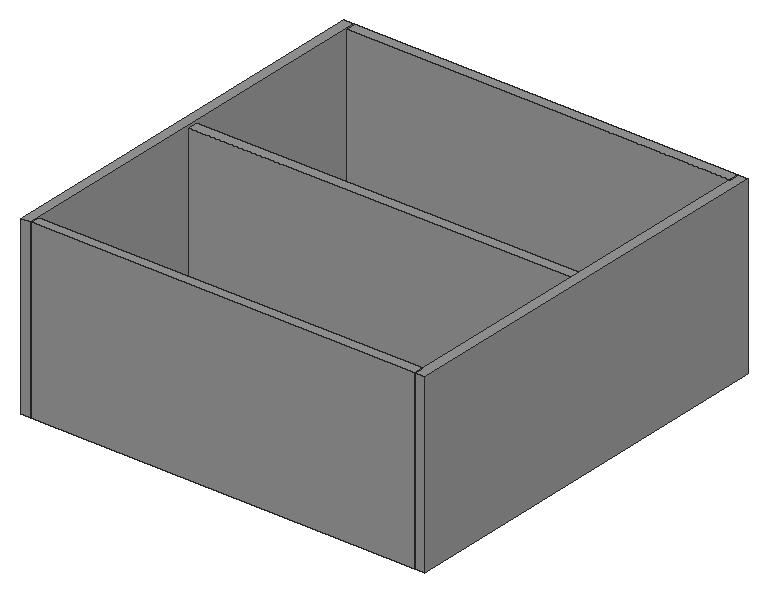
Revit family "TMI - W1050 - Wall_Open1", category Casework, host Face, Revit 2016
Family settings
  Host = Face
  OmniClass Number = 23.40.35.14.11
  OmniClass Title = Modular Casework
  Cut with Voids When Loaded = No
  Shared = No
  Room Calculation Point = No
Parameters (values of type "30" x 30" x 13"")
  Width = 30"
  Verticle Partition [instance] = Width > 39"  # no
  Vertical [instance] = no
  URL = "www.tmisystems.com"
  Two Shelves [instance] = Shelf Quantity = 2  # no
  Three Shelves [instance] = Shelf Quantity = 3  # no
  Shelf Thickness = 3/4"
  Shelf Quantity [instance] = 1
  One Vertical [instance] = Vertical  # no
  One Shelf [instance] = Shelf Quantity = 1  # yes
  Model = "W1050"
  Manufacturer = "TMI Systems Corporation"
  Interior Finish = none
  Height = 30"
  Filler Width (Right) [instance] = 3"
  Filler Width (Left) [instance] = 3"
  Filler Right [instance] = no
  Filler Left [instance] = no
  TFM Thickness = 1/32"
  Description = "Wall, Open, Adj. Shelf"
  Depth = 13"
  Default Elevation = 84"
  Casework Thickness = 3/4"
  Casework Back Thickness = 1/4"
  Cabinet Finish = Plastic Laminate
Types (9): name | Width
  24" x 30" x 13" | 24"
  27" x 30" x 13" | 27"
  30" x 30" x 13" | 30"
  33" x 30" x 13" | 33"
  36" x 30" x 13" | 36"
  21" x 30" x 13" | 21"
  18" x 30" x 13" | 18"
  15" x 30" x 13" | 15"
  12" x 30" x 13" | 12"
Reference planes (in)
  plane 1 "Center (Front/Back)": y = 0
  plane 2: z = 0
  plane 3 "Center (Left/Right)": x = 0
  plane 4: x = -15
  plane 5: x = 15
  plane 6: y = -25.25
  plane 7: y = -4.75
  plane 8: x = -18
  plane 9: x = 18
  plane 10: z = 0.75
  plane 11: z = 1
  plane 12: y = -30
  plane 13: x = -14.25
  plane 14: y = -29.25
  plane 15: x = 14.25
  plane 16: y = -0.75
  plane 17: y = -7.3125
  plane 18: y = -8.0625
  plane 19: y = -14.625
  plane 20: y = -15.375
  plane 21: y = -19.5
  plane 22: y = -20.25
  plane 23: y = -21.9375
  plane 24: y = -22.6875
  plane 25: y = -9.75
  plane 26: y = -10.5
  plane 27: x = -0.375
  plane 28: x = 0.375
  plane 29: z = 12.875
  plane 30: z = 13
  plane 31: z = 12.25
  plane 32: y = -0.375
  plane 33: y = -29.625
Forms (in)
  Extrusion 1, solid, material "Plastic Laminate" <- "Cabinet Finish"
    sketch origin (0, -30, 0) x (1, 0, 0) y (0, 1, 0)
      loop
        line (-15, 30) -> (-15, 0) -> (-14.25, 0) -> (-14.25, 30) -> (-15, 30)
      loop
        line (14.25, 30) -> (14.25, 0) -> (15, 0) -> (15, 30) -> (14.25, 30)
    from 0 to 13
  Extrusion 2, solid, material "Plastic Laminate" <- "Cabinet Finish"
    sketch origin (0, -30, 0) x (1, 0, 0) y (0, 1, 0)
      loop
        line (-14.25, 29.25) -> (14.25, 29.25) -> (14.25, 30) -> (-14.25, 30) -> (-14.25, 29.25)
      loop
        line (-14.25, 0.75) -> (-14.25, 0) -> (14.25, 0) -> (14.25, 0.75) -> (-14.25, 0.75)
    from 0 to 13
  Extrusion 3, solid, material "Wood"
    sketch origin (0, -30, 0) x (1, 0, 0) y (0, 1, 0)
      loop
        line (-14.28125, 29.25) -> (-14.28125, 25.25) -> (14.28125, 25.25) -> (14.28125, 29.25) -> (-14.28125, 29.25)
      loop
        line (-14.28125, 4.75) -> (-14.28125, 0.75) -> (14.28125, 0.75) -> (14.28125, 4.75) -> (-14.28125, 4.75)
    from 0 to 0.75
  Extrusion 4, solid, material "Plastic Laminate" <- "Cabinet Finish"
    sketch origin (0, 0, 0) x (1, 0, 0) y (0, 0, 1)
      loop
        line (-14.28125, 1) -> (-14.28125, 0.75) -> (14.28125, 0.75) -> (14.28125, 1) -> (-14.28125, 1)
    from 0.375 to 29.625
  Extrusion 5, solid, material "Plastic Laminate" <- "Cabinet Finish", visible <- "Filler Left"
    sketch origin (0, -30, 0) x (1, 0, 0) y (0, 1, 0)
      loop
        line (-18, 30) -> (-18, 0) -> (-15, 0) -> (-15, 30) -> (-18, 30)
    from 12.25 to 13
  Extrusion 6, solid, material "Plastic Laminate" <- "Cabinet Finish", visible <- "Filler Right"
    sketch origin (0, -30, 0) x (1, 0, 0) y (0, 1, 0)
      loop
        line (18, 30) -> (15, 30) -> (15, 0) -> (18, 0) -> (18, 30)
    from 12.25 to 13
  Extrusion 7, solid, material "Plastic Laminate" <- "Cabinet Finish", visible <- "Three Shelves"
    sketch origin (0, 0, 0) x (1, 0, 0) y (0, 1, 0)
      loop
        line (-14.25, -7.3125) -> (-14.25, -8.0625) -> (14.25, -8.0625) -> (14.25, -7.3125) -> (-14.25, -7.3125)
    from 1 to 12.875
  Extrusion 8, solid, material "Plastic Laminate" <- "Cabinet Finish", visible <- "Two Shelves"
    sketch origin (0, 0, 0) x (1, 0, 0) y (0, 1, 0)
      loop
        line (-14.25, -9.75) -> (-14.25, -10.5) -> (14.25, -10.5) -> (14.25, -9.75) -> (-14.25, -9.75)
    from 1 to 12.875
  Extrusion 9, solid, material "Plastic Laminate" <- "Cabinet Finish", visible <- "Three Shelves"
    sketch origin (0, 0, 0) x (1, 0, 0) y (0, 1, 0)
      loop
        line (-14.25, -14.625) -> (-14.25, -15.375) -> (14.25, -15.375) -> (14.25, -14.625) -> (-14.25, -14.625)
    from 1 to 12.875
  Extrusion 10, solid, material "Plastic Laminate" <- "Cabinet Finish", visible <- "Two Shelves"
    sketch origin (0, 0, 0) x (1, 0, 0) y (0, 1, 0)
      loop
        line (-14.25, -19.5) -> (-14.25, -20.25) -> (14.25, -20.25) -> (14.25, -19.5) -> (-14.25, -19.5)
    from 1 to 12.875
  Extrusion 11, solid, material "Plastic Laminate" <- "Cabinet Finish", visible <- "Three Shelves"
    sketch origin (0, 0, 0) x (1, 0, 0) y (0, 1, 0)
      loop
        line (-14.25, -21.9375) -> (-14.25, -22.6875) -> (14.25, -22.6875) -> (14.25, -21.9375) -> (-14.25, -21.9375)
    from 1 to 12.875
  Extrusion 12, solid, material "Plastic Laminate" <- "Cabinet Finish", visible <- "One Shelf"
    sketch origin (0, 0, 0) x (1, 0, 0) y (0, 1, 0)
      loop
        line (-14.25, -14.625) -> (-14.25, -15.375) -> (14.25, -15.375) -> (14.25, -14.625) -> (-14.25, -14.625)
    from 1 to 12.875
  Extrusion 13, solid, material "Plastic Laminate" <- "Cabinet Finish", visible <- "One Vertical"
    sketch origin (0, 0, 0) x (1, 0, 0) y (0, 1, 0)
      loop
        line (-0.375, -0.75) -> (-0.375, -29.25) -> (0.375, -29.25) -> (0.375, -0.75) -> (-0.375, -0.75)
    from 1 to 13
Lines and regions (in)
  Masking region 1
    outline origin (0, 0, 0) x (1, 0, 0) y (0, 0, 1)
      loop
        line (-15, 13) -> (-15, 0) -> (15, 0) -> (15, 13) -> (-15, 13)
  Masking region 2, visible <- "Filler Left"
    outline origin (0, 0, 0) x (1, 0, 0) y (0, 0, 1)
      loop
        line (-18, 13) -> (-18, 12.25) -> (-15, 12.25) -> (-15, 13) -> (-18, 13)
  Masking region 3, visible <- "Filler Right"
    outline origin (0, 0, 0) x (1, 0, 0) y (0, 0, 1)
      loop
        line (15, 13) -> (15, 12.25) -> (18, 12.25) -> (18, 13) -> (15, 13)
  symbolic lines
    curve 1: line (15, 0, 0) -> (15, -30, 0)
  symbolic lines, style "CaseworkHiddenLines", visible <- "Three Shelves"
    curve 2: line (0, -7.3125, 12.875) -> (0, -7.3125, 1)
    curve 3: line (0, -8.0625, 1) -> (0, -8.0625, 12.875)
    curve 4: line (0, -8.0625, 12.875) -> (0, -7.3125, 12.875)
    curve 14: line (0, -21.9375, 12.875) -> (0, -21.9375, 1)
    curve 15: line (0, -22.6875, 1) -> (0, -22.6875, 12.875)
    curve 16: line (0, -22.6875, 12.875) -> (0, -21.9375, 12.875)
    curve 17: line (0, -14.625, 12.875) -> (0, -14.625, 1)
    curve 18: line (0, -15.375, 1) -> (0, -15.375, 12.875)
    curve 19: line (0, -15.375, 12.875) -> (0, -14.625, 12.875)
  symbolic lines, style "CaseworkHiddenLines", visible <- "Two Shelves"
    curve 5: line (0, -9.75, 12.875) -> (0, -9.75, 1)
    curve 6: line (0, -10.5, 1) -> (0, -10.5, 12.875)
    curve 7: line (0, -10.5, 12.875) -> (0, -9.75, 12.875)
    curve 11: line (0, -19.5, 12.875) -> (0, -19.5, 1)
    curve 12: line (0, -20.25, 1) -> (0, -20.25, 12.875)
    curve 13: line (0, -20.25, 12.875) -> (0, -19.5, 12.875)
  symbolic lines, style "CaseworkHiddenLines", visible <- "One Shelf"
    curve 8: line (0, -14.625, 12.875) -> (0, -14.625, 1)
    curve 9: line (0, -15.375, 1) -> (0, -15.375, 12.875)
    curve 10: line (0, -15.375, 12.875) -> (0, -14.625, 12.875)
Dimensions and locks (in)
  "Casework Thickness": plane 4 to plane 13
  "Casework Thickness": plane 15 to plane 5
  "Filler Width (Left)": plane 8 to plane 4
  "Filler Width (Right)": plane 5 to plane 9
  "Height": plane 1 "Center (Front/Back)" to plane 12
  "Width": plane 4 to plane 5
  equal spacing: plane 4, plane 3 "Center (Left/Right)", plane 5
  "Casework Thickness": plane 10 to plane 2
  "Casework Back Thickness": plane 11 to plane 10
  "Shelf Thickness": plane 17 to plane 18
  "Shelf Thickness": plane 19 to plane 20
  "Shelf Thickness": plane 21 to plane 22
  "Shelf Thickness": plane 23 to plane 24
  "Shelf Thickness": plane 25 to plane 26
  "Casework Thickness": plane 14 to plane 12
  "Casework Thickness": plane 16 to plane 1 "Center (Front/Back)"
  equal spacing: plane 14, plane 23, plane 19, plane 17, plane 1 "Center (Front/Back)"
  equal spacing: plane 14, plane 21, plane 25, plane 1 "Center (Front/Back)"
  "Casework Thickness": plane 27 to plane 28
  equal spacing: plane 27, plane 3 "Center (Left/Right)", plane 28
  "Depth": plane 30 to plane 2
  plane 13 to plane 15 = 28 1/2"
  locked: plane 6 to plane 14 at 4
  locked: plane 7 to plane 16 at 4
  locked: plane 30 to plane 29 at 0.125
  locked: plane 30 to plane 31 at 0.75
  locked: plane 32 to plane 16 at 0.375
  locked: plane 14 to plane 33 at 0.375
  aligned and locked: plane 2 to host face
  aligned and locked: level to host face
  aligned and locked: plane 4 to Extrusion 1 sketch curve
  aligned and locked: Extrusion 1 sketch curve to plane 5
  aligned and locked: Extrusion 1 to plane 2
  aligned and locked: Extrusion 2 to plane 2
  aligned and locked: Extrusion 3 to plane 2
  aligned and locked: Extrusion 3 to plane 10
  aligned and locked: Extrusion 4 sketch curve to plane 11
  aligned and locked: Extrusion 4 sketch curve to plane 10
  aligned and locked: plane 8 to Extrusion 5 sketch curve
  aligned and locked: Extrusion 5 sketch curve to plane 4
  aligned and locked: plane 9 to Extrusion 6 sketch curve
  aligned and locked: Extrusion 6 sketch curve to plane 5
  aligned and locked: curve 1 to plane 5
  aligned and locked: Extrusion 2 to plane 1 "Center (Front/Back)"  (x4)
  aligned and locked: Extrusion 3 to plane 7
  aligned and locked: Extrusion 7 sketch curve to plane 17
  aligned and locked: plane 13 to Extrusion 7 sketch curve
  aligned and locked: plane 18 to Extrusion 7 sketch curve
  aligned and locked: plane 15 to Extrusion 7 sketch curve
  aligned and locked: Extrusion 8 sketch curve to plane 25
  aligned and locked: plane 13 to Extrusion 8 sketch curve
  aligned and locked: plane 26 to Extrusion 8 sketch curve
  aligned and locked: plane 15 to Extrusion 8 sketch curve
  aligned and locked: Extrusion 9 sketch curve to plane 19
  aligned and locked: plane 13 to Extrusion 9 sketch curve
  aligned and locked: plane 20 to Extrusion 9 sketch curve
  aligned and locked: plane 15 to Extrusion 9 sketch curve
  aligned and locked: Extrusion 10 sketch curve to plane 21
  aligned and locked: plane 13 to Extrusion 10 sketch curve
  aligned and locked: plane 22 to Extrusion 10 sketch curve
  aligned and locked: plane 15 to Extrusion 10 sketch curve
  aligned and locked: Extrusion 11 sketch curve to plane 23
  aligned and locked: plane 13 to Extrusion 11 sketch curve
  aligned and locked: plane 24 to Extrusion 11 sketch curve
  aligned and locked: plane 15 to Extrusion 11 sketch curve
  aligned and locked: Extrusion 11 to plane 11
  aligned and locked: Extrusion 10 to plane 11
  aligned and locked: Extrusion 9 to plane 11
  aligned and locked: Extrusion 8 to plane 11
  aligned and locked: Extrusion 7 to plane 11
  aligned and locked: plane 4 to Extrusion 5  (x3)
  aligned and locked: Extrusion 1 to plane 1 "Center (Front/Back)"  (x4)
  aligned and locked: Extrusion 6 to plane 5  (x2)
  aligned and locked: Extrusion 1 to plane 4
  aligned and locked: Extrusion 2 to plane 12  (x2)
  aligned and locked: plane 5 to Extrusion 1
  aligned and locked: Extrusion 1 to plane 12  (x2)
  aligned and locked: plane 20 to Extrusion 12 sketch curve
  aligned and locked: Extrusion 12 sketch curve to plane 19
  aligned and locked: plane 15 to Extrusion 12 sketch curve
  aligned and locked: plane 13 to Extrusion 12 sketch curve
  aligned and locked: Extrusion 12 to plane 11
  aligned and locked: plane 2 to Masking region 1 sketch curve
  aligned and locked: Masking region 1 sketch curve to plane 5
  aligned and locked: plane 4 to Masking region 1 sketch curve
  aligned and locked: plane 16 to Extrusion 2
  aligned and locked: plane 13 to Extrusion 1
  aligned and locked: Extrusion 2 to plane 13  (x2)
  aligned and locked: plane 14 to Extrusion 2
  aligned and locked: plane 15 to Extrusion 1
  aligned and locked: Extrusion 2 to plane 15  (x2)
  aligned and locked: plane 27 to Extrusion 13 sketch curve
  aligned and locked: plane 28 to Extrusion 13 sketch curve
  aligned and locked: plane 14 to Extrusion 13 sketch curve
  aligned and locked: plane 16 to Extrusion 13 sketch curve
  aligned and locked: Extrusion 13 to plane 11
  aligned and locked: plane 8 to Masking region 2 sketch curve
  aligned and locked: Masking region 2 sketch curve to plane 4
  aligned and locked: plane 5 to Masking region 3 sketch curve
  aligned and locked: Masking region 3 sketch curve to plane 9
  aligned and locked: plane 30 to Masking region 1
  aligned and locked: plane 30 to Extrusion 5
  aligned and locked: plane 30 to Extrusion 1
  aligned and locked: plane 30 to Extrusion 6
  aligned and locked: plane 30 to Extrusion 13
  aligned and locked: plane 30 to Extrusion 2
  aligned and locked: plane 29 to Extrusion 11
  aligned and locked: plane 29 to Extrusion 12
  aligned and locked: plane 29 to Extrusion 8
  aligned and locked: plane 29 to Extrusion 7
  aligned and locked: plane 29 to Extrusion 10
  aligned and locked: plane 29 to Extrusion 9
  aligned and locked: curve 18 to plane 20
  aligned and locked: plane 19 to curve 17
  aligned and locked: plane 29 to curve 19
  aligned and locked: Extrusion 8 to plane 26
  aligned and locked: plane 25 to Extrusion 8
  aligned and locked: plane 29 to curve 7
  aligned and locked: plane 29 to curve 4
  aligned and locked: Extrusion 7 to plane 18
  aligned and locked: plane 17 to Extrusion 7
  aligned and locked: Extrusion 11 to plane 24
  aligned and locked: plane 29 to curve 16
  aligned and locked: plane 23 to Extrusion 11
  aligned and locked: plane 29 to curve 13
  aligned and locked: Extrusion 10 to plane 22
  aligned and locked: plane 21 to Extrusion 10
  aligned and locked: Extrusion 6 to plane 31
  aligned and locked: Extrusion 5 to plane 31
  aligned and locked: Extrusion 3 to plane 16
  aligned and locked: Extrusion 3 to plane 14
  aligned and locked: Extrusion 4 to plane 32
  aligned and locked: plane 33 to Extrusion 4
  aligned and locked: Masking region 2 to plane 31
  aligned and locked: Masking region 3 to plane 31
Automatic sketch dimensions
  host sketch curve to host sketch curve = 96"
  host sketch curve to host sketch curve = 95"
  curve 1 to plane 12 = 0"
  plane 1 "Center (Front/Back)" to curve 1 = 0"
  curve 15 to plane 24 = 0"
  curve 14 to plane 11 = 0"
  curve 14 to plane 23 = 0"
  curve 12 to plane 22 = 0"
  curve 11 to plane 11 = 0"
  curve 11 to plane 21 = 0"
  curve 17 to plane 11 = 0"
  curve 7 to plane 26 = 0"
  curve 7 to plane 25 = 0"
  curve 4 to plane 18 = 0"
  curve 4 to plane 17 = 0"
  curve 18 to plane 11 = 0"
  curve 2 to plane 11 = 0"
  curve 3 to plane 11 = 0"
  curve 15 to plane 11 = 0"
  curve 12 to plane 11 = 0"
  curve 5 to plane 11 = 0"
  curve 6 to plane 11 = 0"
  curve 9 to plane 11 = 0"
  curve 8 to plane 11 = 0"
  Extrusion 1 sketch curve to plane 12 = 0"  (x2)
  Extrusion 1 sketch curve to plane 13 = 0"
  plane 1 "Center (Front/Back)" to Extrusion 1 sketch curve = 0"  (x2)
  Extrusion 1 sketch curve to plane 15 = 0"
  Extrusion 2 sketch curve to plane 13 = 0"  (x2)
  Extrusion 2 sketch curve to plane 12 = 0"
  Extrusion 2 sketch curve to plane 14 = 0"
  Extrusion 2 sketch curve to plane 15 = 0"  (x2)
  plane 16 to Extrusion 2 sketch curve = 0"
  plane 1 "Center (Front/Back)" to Extrusion 2 sketch curve = 0"
  Extrusion 3 sketch curve to plane 7 = 0"
  Extrusion 3 sketch curve to plane 6 = 0"
  Extrusion 3 sketch curve to plane 13 = 1/32"  (x2)
  Extrusion 3 sketch curve to plane 15 = 1/32"  (x2)
  Extrusion 3 sketch curve to plane 14 = 0"
  plane 16 to Extrusion 3 sketch curve = 0"
  Extrusion 4 sketch curve to plane 13 = 1/32"
  Extrusion 4 sketch curve to plane 15 = 1/32"
  Extrusion 5 sketch curve to plane 12 = 0"
  plane 1 "Center (Front/Back)" to Extrusion 5 sketch curve = 0"
  Extrusion 6 sketch curve to plane 12 = 0"
  plane 1 "Center (Front/Back)" to Extrusion 6 sketch curve = 0"
  Masking region 1 sketch curve to plane 30 = 0"
  Masking region 2 sketch curve to plane 30 = 0"
  Masking region 3 sketch curve to plane 30 = 0"
  level to Masking region 3 sketch curve = 12 1/4"
  level to Masking region 2 sketch curve = 12 1/4"
